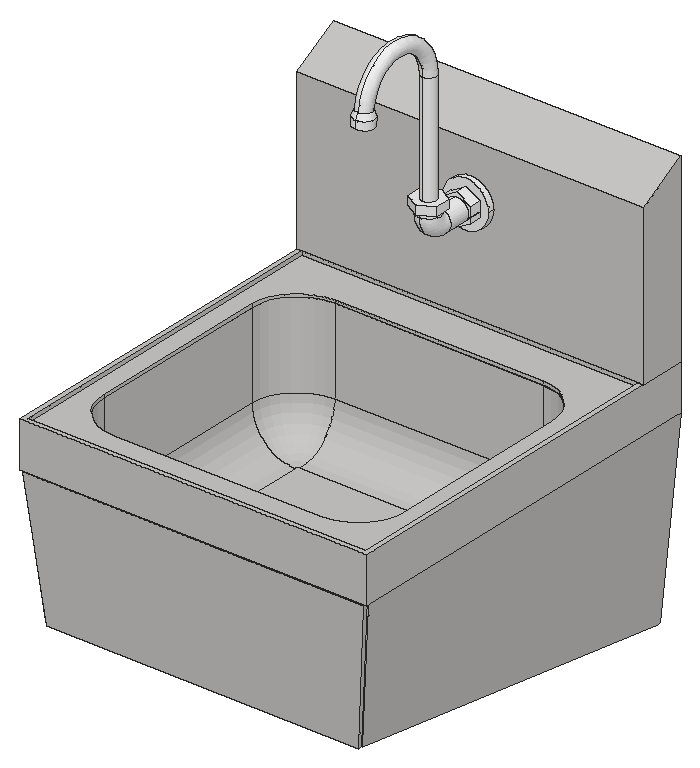
Revit family "224216 - Commercial Sinks - SS Hand Sink", category Specialty Equipment, Revit 2020
Family settings
  Round Connector Dimension = Use Diameter
  Part Type = Normal
  OmniClass Number = 23.40.40.00
  OmniClass Title = Food Service Equipment and Furnishings
  Work Plane-Based = No
  Always vertical = Yes
  Cut with Voids When Loaded = No
  Shared = No
  Room Calculation Point = No
Parameters (values of type "36" CLEAR")
  Width = 15"
  Weight in Pounds = 13
  Watermarked By = ""
  URL Cutsheet = ""
  URL = "www.advancetabco.com"
  Status [instance] = ""
  Specification by User [instance] = ""
  Specification by Manufacturer [instance] = ""
  Sink Width = Width - 2"  # 13"
  Sink Height = 6"
  Sink Depth = Depth - 5"  # 12"
  Serial Number [instance] = ""
  Revision Code [instance] = ""
  Plumbing Remarks [instance] = ""
  Plumbing Connection Type = ""
  NAFEM Spec ID Number [instance] = ""
  Model = "7-PS-78"
  Material = HAND SINK
  Masterspec [instance] = ""
  Manufacturer = "Advance Tabco"  # constant formula
  KCLRef = "KCL2C9,,0005c4bd-0000-0000-0000-000000000307,AD,7-PS-78 ,637367294604338972,7b559e5c-2382-487f-a084-108bbc31b4e4,0be6d260-777a-4f5a-bed4-183da1480528"
  KCL SpecSheet URL = "http://kclweb.kclcad.com/imagehandler.ashx?kdoc=hs_knee_valves&R=AD&M=7-PS-78%20&VC=7&TID=KCLWeb&T=doc"
  Item Number [instance] = "-"
  Installed By [instance] = ""
  Hot Water Size = 1/2"
  Hot Water Flow = 0 GPM
  Furnished By [instance] = ""
  Foodservice Equipment Identifier = yes
  Direct Waste Size = 1 1/2"
  Direct Waste RI Height [instance] = 0"
  Direct Waste Flow [instance] = 0 GPM
  Direct Waste Connection Height = -6"
  Description = "Hand Sink"
  Depth = 17"
  Default Elevation = 0"
  Cold Water Size = 1/2"
  Cold Water Flow = 0 GPM
  CSI MasterFormat = "11 48 00"
  Assembly Code = "E1090320"
  ADA Clearance = OD_ADA Clearances - Turning : 36"x48"
Types (2): name | ADA Clearance
  DefaultType | OD_ADA Clearances - Turning : 30"x48"
  36" CLEAR | OD_ADA Clearances - Turning : 36"x48"
Reference planes (in)
  plane 1 "BACK": y = 0
  plane 2: z = 0
  plane 3 "LEFT": x = -15.44073
  plane 4 "RIGHT": x = -0.44073
  plane 5 "FRONT": y = -17
  plane 6 "Front of Backsplash": y = -2
  plane 7 "Center LR": x = -7.94073
  plane 8 "Sink Left": x = -14.44073
  plane 9 "Sink Right": x = -1.44073
  plane 10 "Drain Center FB": y = -9.71875
  plane 11 "Sink Back": y = -3.71875
  plane 12 "Sink Front": y = -15.71875
  plane 13 "TOP": z = 8
  plane 14 "Ledge Bottom": z = -2
  plane 15 "Sink Bottom": z = -6
  plane 16 "Sink Top": z = -0.15625
  plane 17 "Faucet Holes": z = 4.5
  plane 18: z = -0.28125
  plane 19 "Front of Splash Guard": y = -16.71875
  plane 20 "Left of Splash Guard": x = -15.34698
  plane 21 "Right of Splash Guard": x = -0.53483
  plane 22: y = -16.1875
  plane 23: z = -10.4375
Forms (in)
  Extrusion 1, solid, material "HAND SINK" <- "Material"
    sketch origin (-15.44073, 0, 0) x (0, 1, 0) y (0, 0, 1)
      loop
        line (0, 0) -> (0, 8) -> (-2, 6.875) -> (-2, 0) -> (0, 0)
    from 0 to 15
  Extrusion 2, solid, material "HAND SINK" <- "Material"
    sketch origin (0, 0, -2) x (0, 1, 0) y (-1, 0, 0)
      loop
        line (0, 15.44073) -> (-17, 15.44073) -> (-17, 0.44073) -> (0, 0.44073) -> (0, 15.44073)
      loop
        line (-16.8125, 15.25323) -> (-16.8125, 0.62823) -> (-2, 0.62823) -> (-2, 15.25323) -> (-16.8125, 15.25323)
    from 0 to 2
  Extrusion 3, solid, material "HAND SINK" <- "Material"
    sketch origin (0, 0, -0.15625) x (0, 1, 0) y (-1, 0, 0)
      loop
        arc (-3.71875, 12.44073) -> (-4.30454, 13.85494) -> (-5.71875, 14.44073) r 2
        line (-5.71875, 14.44073) -> (-13.71875, 14.44073)
        arc (-13.71875, 14.44073) -> (-15.13296, 13.85494) -> (-15.71875, 12.44073) r 2
        line (-15.71875, 12.44073) -> (-15.71875, 3.44073)
        arc (-15.71875, 3.44073) -> (-15.13296, 2.02651) -> (-13.71875, 1.44073) r 2
        line (-13.71875, 1.44073) -> (-5.71875, 1.44073)
        arc (-5.71875, 1.44073) -> (-4.30454, 2.02651) -> (-3.71875, 3.44073) r 2
        line (-3.71875, 3.44073) -> (-3.71875, 12.44073)
      loop
        line (-2, 15.25323) -> (-16.8125, 15.25323) -> (-16.8125, 0.62823) -> (-2, 0.62823) -> (-2, 15.25323)
    from 0 to -0.125
  Sweep 4, solid, material "HAND SINK" <- "Material"
    path origin (0, 0, -0.15625) x (0, 1, 0) y (-1, 0, 0)
      loop
        arc (-3.71875, 12.44073) -> (-4.30454, 13.85494) -> (-5.71875, 14.44073) r 2
        line (-5.71875, 14.44073) -> (-13.71875, 14.44073)
        arc (-13.71875, 14.44073) -> (-15.13296, 13.85494) -> (-15.71875, 12.44073) r 2
        line (-15.71875, 12.44073) -> (-15.71875, 3.44073)
        arc (-15.71875, 3.44073) -> (-15.13296, 2.02651) -> (-13.71875, 1.44073) r 2
        line (-13.71875, 1.44073) -> (-5.71875, 1.44073)
        arc (-5.71875, 1.44073) -> (-4.30454, 2.02651) -> (-3.71875, 3.44073) r 2
        line (-3.71875, 3.44073) -> (-3.71875, 12.44073)
    profile origin (-7.94073, -3.71875, -0.15625) x (0, 1, 0) y (0, 0, 1)
      loop
        line (0, -0.125) -> (0, -3.84375)
        arc (0, -3.84375) -> (-0.54917, -5.16958) -> (-1.875, -5.71875) r 1.875
        line (-1.875, -5.71875) -> (-1.875, -5.84375)
        arc (-1.875, -5.84375) -> (-0.46079, -5.25796) -> (0.125, -3.84375) r 2
        line (0.125, -3.84375) -> (0.125, -0.125) -> (0, -0.125)
  Extrusion 5, solid, material "HAND SINK" <- "Material"
    sketch origin (0, 0, -6) x (0, 1, 0) y (-1, 0, 0)
      loop
        arc (-5.59375, 12.44073) -> (-5.63036, 12.52911) -> (-5.71875, 12.56573) r 0.125
        line (-5.71875, 12.56573) -> (-13.71875, 12.56573)
        arc (-13.71875, 12.56573) -> (-13.80714, 12.52911) -> (-13.84375, 12.44073) r 0.125
        line (-13.84375, 12.44073) -> (-13.84375, 3.44073)
        arc (-13.84375, 3.44073) -> (-13.80714, 3.35234) -> (-13.71875, 3.31573) r 0.125
        line (-13.71875, 3.31573) -> (-5.71875, 3.31573)
        arc (-5.71875, 3.31573) -> (-5.63036, 3.35234) -> (-5.59375, 3.44073) r 0.125
        line (-5.59375, 3.44073) -> (-5.59375, 12.44073)
      loop
        circle (-9.71875, 7.94073) r 2.375
    from 0 to 0.125
  Revolve 6, solid, material "HAND SINK" <- "Material"
    sketch origin (-7.94073, 0, 0) x (0, 1, 0) y (0, 0, 1)
      loop
        line (-11.28125, -7.09911) -> (-11.00536, -7.375) -> (-10.40625, -7.375) -> (-10.40625, -7.3125) -> (-10.97947, -7.3125) -> (-11.21875, -7.07322) -> (-11.21875, -6.1875) -> (-11.90625, -6.1875) -> (-12.09375, -6) -> (-12.18214, -6) -> (-11.93214, -6.25) -> (-11.28125, -6.25) -> (-11.28125, -6.35825) -> (-11.34375, -6.375) -> (-11.28125, -6.39175) -> (-11.28125, -6.48325) -> (-11.34375, -6.5) -> (-11.28125, -6.51675) -> (-11.28125, -6.60825) -> (-11.34375, -6.625) -> (-11.28125, -6.64175) -> (-11.28125, -6.73325) -> (-11.34375, -6.75) -> (-11.28125, -6.76675) -> (-11.28125, -6.85825) -> (-11.34375, -6.875) -> (-11.28125, -6.89175) -> (-11.28125, -6.98325) -> (-11.34375, -7) -> (-11.28125, -7.01675) -> (-11.28125, -7.09911)
      axis (-9.71875, -7.375) -> (-9.71875, -6)
    angle from 0 to 360
  Extrusion 7, solid, material "HAND SINK" <- "Material"
    sketch origin (-15.64675, 0, -0.0364) x (0, 1, 0) y (-0.104528, 0, 0.994522)
      loop
        line (-16.8785, -1.97098) -> (-16.3991, -7.91293) -> (-0.125, -10.45839) -> (-0.125, -1.97098) -> (-16.8785, -1.97098)
    from 0 to 0.125
  Extrusion 8, solid, material "HAND SINK" <- "Material"
    sketch origin (-0.23743, 0, -0.0364) x (0, 1, 0) y (-0.104528, 0, -0.994522)
      loop
        line (-16.87852, 1.97098) -> (-0.125, 1.97098) -> (-0.125, 10.45839) -> (-16.3946, 7.9691) -> (-16.87852, 1.97098)
    from 0 to 0.125
  Extrusion 9, solid, material "HAND SINK" <- "Material"
    sketch origin (0, 0, 0) x (1, 0, 0) y (0, 0, 1)
      loop
        line (-0.44073, -2) -> (-15.35142, -2) -> (-14.43176, -10.4375) -> (-1.32754, -10.4375) -> (-0.44073, -2)
    from 0 to 0.125
  Extrusion 10, solid, material "HAND SINK" <- "Material"
    sketch origin (0, -17.1607, -0.02066) x (1, 0, 0) y (0, -0.080419, 0.996761)
      loop
        line (-15.31555, -1.99833) -> (-14.68922, -7.9932) -> (-1.16353, -7.9932) -> (-0.5372, -1.99833) -> (-15.31555, -1.99833)
    from 0 to -0.125
Cuts and joins
  joined: Sweep 4, Extrusion 5
  joined: Extrusion 7, Extrusion 8, Extrusion 9
Dimensions and locks (in)
  "Width": plane 4 "RIGHT" to plane 3 "LEFT"
  "Depth": plane 5 "FRONT" to plane 1 "BACK"
  equal spacing: plane 3 "LEFT", plane 7 "Center LR", plane 4 "RIGHT"
  equal spacing: plane 8 "Sink Left", plane 7 "Center LR", plane 9 "Sink Right"
  "Sink Width": plane 8 "Sink Left" to plane 9 "Sink Right"
  locked: plane 6 "Front of Backsplash" to plane 1 "BACK" at 2
  locked: plane 13 "TOP" to plane 2 at 8
  "Sink Height": level to plane 15 "Sink Bottom"
  locked: level to plane 14 "Ledge Bottom" at 2
  locked: plane 13 "TOP" to Extrusion 1 sketch curve at 1.125
  locked: plane 3 "LEFT" to Extrusion 2 sketch curve at 0.1875
  plane 6 "Front of Backsplash" to Extrusion 2 sketch curve = 0"
  locked: Extrusion 2 sketch curve to plane 5 "FRONT" at 0.1875
  locked: Extrusion 2 sketch curve to plane 4 "RIGHT" at 0.1875
  locked: level to plane 16 "Sink Top" at 0.15625
  locked: Sweep 4 sketch curve to plane 16 "Sink Top" at 0.125
  locked: Sweep 4 sketch curve to plane 15 "Sink Bottom" at 0.125
  locked: Sweep 4 sketch curve to plane 11 "Sink Back" at 0.125
  locked: Sweep 4 sketch curve to plane 15 "Sink Bottom" at 2  (x2)
  locked: plane 15 "Sink Bottom" to Revolve 6 sketch curve at 1.375
  locked: plane 15 "Sink Bottom" to Revolve 6 sketch curve at 0.1875
  locked: Revolve 6 sketch curve to Revolve 6 sketch curve at 0.0625
  locked: plane 13 "TOP" to plane 17 "Faucet Holes" at 3.5
  locked: plane 11 "Sink Back" to plane 6 "Front of Backsplash" at 1.71875
  plane 5 "FRONT" to plane 12 "Sink Front" = 1 9/32"
  equal spacing: plane 12 "Sink Front", plane 10 "Drain Center FB", plane 11 "Sink Back"
  locked: plane 16 "Sink Top" to plane 18 at 0.125
  locked: plane 5 "FRONT" to plane 19 "Front of Splash Guard" at 0.28125
  locked: plane 3 "LEFT" to plane 20 "Left of Splash Guard" at 0.09375
  plane 21 "Right of Splash Guard" to plane 4 "RIGHT" = 0.0941"
  locked: plane 5 "FRONT" to plane 22 at 0.8125
  "Sink Depth": plane 12 "Sink Front" to plane 11 "Sink Back"
  plane 20 "Left of Splash Guard" to plane 8 "Sink Left" = 29/32"
  plane 9 "Sink Right" to plane 21 "Right of Splash Guard" = 0.9059"
  plane 3 "LEFT" to plane 8 "Sink Left" = 1"
  locked: plane 21 "Right of Splash Guard" to plane 4 "RIGHT" at 0.09375
  aligned and locked: level to plane 2
  aligned and locked: plane 13 "TOP" to Extrusion 1 sketch curve
  aligned and locked: Extrusion 1 sketch curve to plane 1 "BACK"
  aligned and locked: plane 6 "Front of Backsplash" to Extrusion 1 sketch curve
  aligned and locked: Extrusion 1 sketch curve to level
  aligned and locked: plane 4 "RIGHT" to Extrusion 1
  aligned and locked: plane 1 "BACK" to Extrusion 2 sketch curve
  aligned and locked: Extrusion 2 sketch curve to plane 4 "RIGHT"
  aligned and locked: plane 3 "LEFT" to Extrusion 2 sketch curve
  aligned and locked: Extrusion 2 sketch curve to plane 5 "FRONT"
  aligned and locked: level to Extrusion 2
  aligned and locked: plane 11 "Sink Back" to Extrusion 3 sketch curve
  aligned and locked: plane 8 "Sink Left" to Extrusion 3 sketch curve
  aligned and locked: Extrusion 3 sketch curve to plane 12 "Sink Front"
  aligned and locked: Extrusion 3 sketch curve to plane 9 "Sink Right"
  aligned and locked: plane 11 "Sink Back" to Sweep 4 sketch curve
  aligned and locked: plane 8 "Sink Left" to Sweep 4 sketch curve
  aligned and locked: Sweep 4 sketch curve to plane 12 "Sink Front"
  aligned and locked: Sweep 4 sketch curve to plane 9 "Sink Right"
  aligned and locked: Sweep 4 sketch curve to plane 11 "Sink Back"
  aligned and locked: plane 15 "Sink Bottom" to Sweep 4 sketch curve
  aligned and locked: Extrusion 5 sketch curve to Sweep 4  (x4)
  aligned and locked: plane 15 "Sink Bottom" to Revolve 6 sketch curve
  aligned and locked: Extrusion 2 to Extrusion 3 sketch curve  (x2)
  aligned and locked: plane 6 "Front of Backsplash" to Extrusion 3 sketch curve
  aligned and locked: Extrusion 3 sketch curve to Extrusion 2
  aligned and locked: plane 7 "Center LR" to nested 1
  aligned and locked: plane 6 "Front of Backsplash" to nested 1
  aligned and locked: plane 5 "FRONT" to Extrusion 10
  aligned and locked: plane 4 "RIGHT" to cut or joined group of Extrusion 7, Extrusion 8, Extrusion 9
  aligned and locked: plane 3 "LEFT" to cut or joined group of Extrusion 7, Extrusion 8, Extrusion 9
  aligned and locked: plane 7 "Center LR" to nested 2
  aligned and locked: plane 1 "BACK" to nested 2
Automatic sketch dimensions
  Extrusion 3 sketch curve to Extrusion 3 sketch curve = 2"  (x2)
  Extrusion 3 sketch curve to plane 12 "Sink Front" = 2"
  plane 11 "Sink Back" to Extrusion 3 sketch curve = 2"
  Sweep 4 sketch curve to plane 9 "Sink Right" = 2"  (x2)
  Sweep 4 sketch curve to plane 12 "Sink Front" = 2"
  plane 11 "Sink Back" to Sweep 4 sketch curve = 2"
  Extrusion 5 sketch curve to plane 7 "Center LR" = 0"
  plane 10 "Drain Center FB" to Extrusion 5 sketch curve = 0"
  Extrusion 5 sketch curve to Extrusion 5 sketch curve = 1/8"  (x4)
  Revolve 6 sketch curve to plane 10 "Drain Center FB" = 0"
  plane 10 "Drain Center FB" to Revolve 6 sketch curve = 11/16"
  Revolve 6 sketch curve to Revolve 6 sketch curve = 0.57322"
  Revolve 6 sketch curve to Revolve 6 sketch curve = 0.02589"  (x3)
  Revolve 6 sketch curve to Revolve 6 sketch curve = 0.23928"
  Revolve 6 sketch curve to Revolve 6 sketch curve = 1/16"  (x9)
  Revolve 6 sketch curve to Revolve 6 sketch curve = 0"  (x5)
  Revolve 6 sketch curve to plane 15 "Sink Bottom" = 5/8"
  Revolve 6 sketch curve to plane 15 "Sink Bottom" = 1/2"
  Revolve 6 sketch curve to plane 15 "Sink Bottom" = 3/4"
  Revolve 6 sketch curve to plane 15 "Sink Bottom" = 3/8"
  Revolve 6 sketch curve to Revolve 6 sketch curve = 9/16"
  Revolve 6 sketch curve to Revolve 6 sketch curve = 3/16"
  Revolve 6 sketch curve to Revolve 6 sketch curve = 0.08839"
  Revolve 6 sketch curve to Revolve 6 sketch curve = 0.34911"
  Revolve 6 sketch curve to Revolve 6 sketch curve = 0.08236"
  Revolve 6 sketch curve to Revolve 6 sketch curve = 0.01675"  (x6)
  Revolve 6 sketch curve to Revolve 6 sketch curve = 0.03349"  (x6)
  Revolve 6 sketch curve to Revolve 6 sketch curve = 0.09151"
  Revolve 6 sketch curve to Revolve 6 sketch curve = 17 5/8"
  plane 13 "TOP" to Revolve 6 sketch curve = 90.01366"
  Extrusion 9 sketch curve to plane 20 "Left of Splash Guard" = 0.00444"
  Extrusion 9 sketch curve to plane 14 "Ledge Bottom" = 0"
  plane 20 "Left of Splash Guard" to Extrusion 10 sketch curve = 0.03143"
  plane 20 "Left of Splash Guard" to Extrusion 10 sketch curve = 0.65776"
  Extrusion 10 sketch curve to plane 21 "Right of Splash Guard" = 0.62871"
  Extrusion 10 sketch curve to plane 21 "Right of Splash Guard" = 0.00238"
  Extrusion 10 sketch curve to Extrusion 10 sketch curve = 5.99488"
  Extrusion 9 sketch curve to Extrusion 9 sketch curve = 0.91966"
  Extrusion 9 sketch curve to Extrusion 9 sketch curve = 0.88682"
  plane 19 "Front of Splash Guard" to Extrusion 7 sketch curve = 0.15975"
  plane 22 to Extrusion 7 sketch curve = 0.2116"
  plane 1 "BACK" to Extrusion 7 sketch curve = 1/8"
  Extrusion 7 sketch curve to Extrusion 7 sketch curve = 5.94195"
  Extrusion 7 sketch curve to Extrusion 7 sketch curve = 8.4874"
  plane 19 "Front of Splash Guard" to Extrusion 8 sketch curve = 0.15977"
  plane 1 "BACK" to Extrusion 8 sketch curve = 1/8"
  plane 22 to Extrusion 8 sketch curve = 0.2071"
  Extrusion 8 sketch curve to Extrusion 8 sketch curve = 5.99811"
  Extrusion 8 sketch curve to Extrusion 8 sketch curve = 8.4874"
  Extrusion 9 sketch curve to plane 23 = 0"
  plane 9 "Sink Right" to Extrusion 9 sketch curve = 0.11318"
  radius of Extrusion 5 sketch curve = 2 3/8"
Nested families (in)
  nested 1: "QF_Advance_K-121" at (6.625, -2, 4.5), type "QF_Advance_K-121"
  nested 2: "OD_ADA Clearances - Turning" at (10.05927, -48, 0), type <- "ADA Clearance", type "36"x48""
Connectors (in)
  piping at (-7.94073, -9.71875, -7.375), diameter 1.5
    settings: on Revolve 6, index 1, connector inside diameter 24", connector length 0", flow factor 0, pipe flow 0 GPM, pressure drop 0.00 psi, fitting loss kfactor 0, connector angle 0.00°, fixture units 0, engagement length 0", angle of deflection 0.00°, flow configuration 1, flow direction 2, fitting loss method 0, system type 16, joint type 0, gender type 0, connector reference index -1, connector utility 0, adjustable connector no, is connector primary yes, connector description "Indirect Waste"
Definition of nested family "QF_Advance_K-121"
  Parameters
    URL = "www.advancetabco.com"
    Model = "K-121"
    Manufacturer = "Advance Tabco"  # constant formula
    Foodservice Equipment Identifier = yes
    Description = "Faucet, Splash Mount"
    Default Elevation = 0"
    CSI MasterFormat = "11 48 00"
    Assembly Code = "E1090320"
  Reference planes (in)
    plane 1 "BACK": y = 0
    plane 2: z = 0
    plane 3 "Faucet FB": y = -2.25
    plane 4 "Faucet CL LR": x = -14.56573
    plane 5 "Top of Bracket": z = 1
    plane 6 "Bottom of Bracket": z = -1
    plane 7 "Bottom of Spout": z = 5.5
    plane 8 "TOP": z = 8
    plane 9 "Spout": y = -5.75
  Forms (in)
    Extrusion 1, solid
      sketch origin (0, 0, 0) x (1, 0, 0) y (0, 0, 1)
        loop
          line (-13.94073, -0.32666) -> (-13.94073, 0.32666) -> (-14.56573, 0.6875) -> (-15.19073, 0.32666) -> (-15.19073, -0.32666) -> (-14.56573, -0.6875) -> (-13.94073, -0.32666)
      from 0.25 to 0.75
    Sweep 2, solid
      path origin (-14.56573, 0, 0) x (0, 1, 0) y (0, 0, 1)
        loop
          line (0, 0) -> (-1.6875, 0)
          arc (-1.6875, 0) -> (-2.08525, 0.16475) -> (-2.25, 0.5625) r 0.5625
          line (-2.25, 0.5625) -> (-2.25, 0.75)
      profile origin (-14.56573, -0.84375, 0) x (0, 0, -1) y (1, 0, 0)
        loop
          circle (0, 0) r 0.5
    Extrusion 3, solid
      sketch origin (2, -2.25708, 0.75) x (1, 0, 0) y (0, 1, 0)
        loop
          line (-15.94073, -0.32666) -> (-15.94073, 0.32666) -> (-16.56573, 0.6875) -> (-17.19073, 0.32666) -> (-17.19073, -0.32666) -> (-16.56573, -0.6875) -> (-15.94073, -0.32666)
      from 0 to 0.375
    Sweep 4, solid
      path origin (-14.56573, 0, 0) x (0, 1, 0) y (0, 0, 1)
        loop
          line (-2.25, 1.125) -> (-2.25, 5.9375)
          arc (-2.25, 5.9375) -> (-3.93969, 7.68862) -> (-5.75, 6.0625) r 1.75223
      profile origin (-14.56573, -2.25, 3.53125) x (0, -1, 0) y (1, 0, 0)
        loop
          circle (0, 0) r 0.3125
    Revolve 5, solid
      sketch origin (-14.56573, 1.58344, -0.03869) x (0, 0.997452, -0.071338) y (0, 0.071338, 0.997452)
        loop
          line (-8.125, 5) -> (-8.125, 5.30046) -> (-8.02019, 5.5625) -> (-8.0875, 5.5625) -> (-8.1875, 5.3125) -> (-8.1875, 5) -> (-8.125, 5)
        axis (-7.75, 5) -> (-7.75, 5.5625)
      angle from 0 to 360
    Extrusion 6, solid
      sketch origin (0, 0, 0) x (1, 0, 0) y (0, 0, 1)
        loop
          circle (-14.56573, 0) r 1
      from 0 to 0.25
  Lines and regions (in)
    symbolic lines
      curve 1: line (-15.19073, -1.93042, 0) -> (-14.56573, -1.56958, 0)
      curve 2: line (-13.94073, -1.93042, 0) -> (-14.56573, -1.56958, 0)
      curve 3: line (-13.94073, -1.93042, 0) -> (-13.94073, -2.58373, 0)
      curve 4: line (-13.94073, -2.58373, 0) -> (-14.25323, -2.76416, 0)
      curve 5: line (-15.19073, -1.93042, 0) -> (-15.19073, -2.58373, 0)
      curve 6: line (-15.19073, -2.58373, 0) -> (-14.87823, -2.76416, 0)
      curve 7: line (-15.06573, -0.75, 0) -> (-15.06573, -1.85825, 0)
      curve 8: line (-14.06573, -0.75, 0) -> (-14.06573, -1.85825, 0)
      curve 9: arc (-14.87823, -5.48283, 0) -> (-14.56573, -6.22651, 0) -> (-14.25323, -5.48283, 0) r 0.4375
      curve 10: arc (-14.87823, -5.78901, 0) -> (-14.56573, -6.10151, 0) -> (-14.25323, -5.78901, 0) r 0.3125
      curve 11: line (-14.87823, -5.78901, 0) -> (-14.87823, -2.25, 0)
      curve 12: line (-14.25323, -2.2301, 0) -> (-14.25323, -5.78901, 0)
      curve 13: arc (-14.87706, -2.2301, 0) -> (-14.56514, -1.91818, 0) -> (-14.25323, -2.2301, 0) r 0.31192
      curve 14: line (-15.56573, 0, 0) -> (-13.56573, 0, 0)
      curve 15: line (-15.56573, -0.25, 0) -> (-15.56573, 0, 0)
      curve 16: line (-13.56573, -0.25, 0) -> (-15.56573, -0.25, 0)
      curve 17: line (-13.56573, 0, 0) -> (-13.56573, -0.25, 0)
      curve 18: line (-15.19073, -0.75, 0) -> (-13.94073, -0.75, 0)
      curve 19: line (-13.94073, -0.75, 0) -> (-13.94073, -0.25, 0)
      curve 20: line (-15.19073, -0.75, 0) -> (-15.19073, -0.25, 0)
  Dimensions and locks (in)
    locked: plane 5 "Top of Bracket" to level at 1
    locked: level to plane 6 "Bottom of Bracket" at 1
    locked: plane 7 "Bottom of Spout" to level at 5.5
    locked: plane 9 "Spout" to plane 1 "BACK" at 5.75
    locked: plane 8 "TOP" to level at 8
    locked: plane 9 "Spout" to plane 3 "Faucet FB" at 3.5
    aligned and locked: level to plane 2
Definition of nested family "OD_ADA Clearances - Turning"
  Parameters (values of type "T-shape")
    X = no
    Width = 36"
    T-shape = yes
    Rectangle = no
    Length = 60"
    Half Width = Width / 2  # 18"
    Default Elevation = 0"
    Circle = no
  Types (4): name | X | Width | T-shape | Rectangle | Length | Half Width | Circle
    30"x48" | yes | 30" | no | yes | 48" | 15" | no
    5ft Circle | no | 60" | no | no | 48" | 30" | yes
    T-shape | no | 36" | yes | no | 60" | 18" | no
    36"x48" | yes | 36" | no | yes | 48" | 18" | no
  Reference planes (in)
    plane 1 "Center (Front/Back)": y = 0
    plane 2: z = 0
    plane 3 "Center (Left/Right)": x = 0
    plane 4: y = 60
    plane 5: x = -36
    plane 6: x = -18
    plane 7: y = 30
    plane 8: x = -60
    plane 9: y = 48
    plane 10: y = 12
  Lines and regions (in)
    symbolic lines, not visible
      curve 1: line (-23.52095, 32.73971, 0) -> (-13.52095, 32.73971, 0)
      curve 2: line (-13.52095, 32.73971, 0) -> (-17.05648, 36.27525, 0)
      curve 3: line (-17.05648, 36.27525, 0) -> (-14.18945, 38.28276, 0)
      curve 4: line (-14.18945, 38.28276, 0) -> (-6.76483, 30.85814, 0)
      curve 5: line (-23.52095, 28.97657, 0) -> (-13.52095, 28.97657, 0)
      curve 6: line (-13.52095, 28.97657, 0) -> (-17.05648, 25.44104, 0)
      curve 7: line (-17.05648, 25.44104, 0) -> (-14.18945, 23.43352, 0)
      curve 8: line (-14.18945, 23.43352, 0) -> (-6.76483, 30.85814, 0)
      curve 9: line (-23.52095, 32.73971, 0) -> (-23.52095, 28.97657, 0)
      curve 16: line (0, 0, 0) -> (12, 0, 0)
    symbolic lines, visible <- "Rectangle"
      curve 10: line (-36, 60, 0) -> (0, 60, 0)
      curve 11: line (-36, 0, 0) -> (-36, 60, 0)
      curve 12: line (0, 0, 0) -> (-36, 0, 0)
      curve 13: line (0, 60, 0) -> (0, 0, 0)
    symbolic lines, visible <- "X"
      curve 14: line (-36, 60, 0) -> (0, 0, 0)
      curve 15: line (0, 60, 0) -> (-36, 0, 0)
    symbolic lines, visible <- "Circle"
      curve 17: circle (-18, 30, 0) r 18 normal (0, 0, 1)
    symbolic lines, visible <- "T-shape"
      curve 18: line (-36, 48, 0) -> (-60, 48, 0)
      curve 19: line (-60, 48, 0) -> (-60, 12, 0)
      curve 20: line (-60, 12, 0) -> (-36, 12, 0)
      curve 21: line (-36, 48, 0) -> (-36, 60, 0)
      curve 22: line (-36, 60, 0) -> (0, 60, 0)
      curve 23: line (0, 60, 0) -> (0, 0, 0)
      curve 24: line (0, 0, 0) -> (-36, 0, 0)
      curve 25: line (-36, 0, 0) -> (-36, 12, 0)
  Dimensions and locks (in)
    "Width": plane 5 to plane 3 "Center (Left/Right)"
    "Length": plane 4 to plane 1 "Center (Front/Back)"
    equal spacing: plane 5, plane 6, plane 3 "Center (Left/Right)"
    plane 1 "Center (Front/Back)" to plane 4 = 60"
    equal spacing: plane 1 "Center (Front/Back)", plane 7, plane 4
    locked: plane 8 to plane 5 at 24
    plane 9 to plane 7 to plane 10 = 18" locked, 18" locked
    "Half Width": radius of curve 17
    aligned and locked: plane 2 to level
    aligned and locked: plane 1 "Center (Front/Back)" to curve 16
    aligned and locked: plane 7 to curve 17
    aligned and locked: plane 6 to curve 17
    aligned and locked: curve 23 to plane 3 "Center (Left/Right)"
    aligned and locked: curve 24 to plane 1 "Center (Front/Back)"
    aligned and locked: curve 22 to plane 4
    aligned and locked: curve 19 to plane 8
    aligned and locked: plane 9 to curve 18
    aligned and locked: curve 20 to plane 10
    aligned and locked: plane 5 to curve 25
    aligned and locked: plane 5 to curve 21
  Automatic sketch dimensions
    plane 3 "Center (Left/Right)" to curve 16 = 12"
